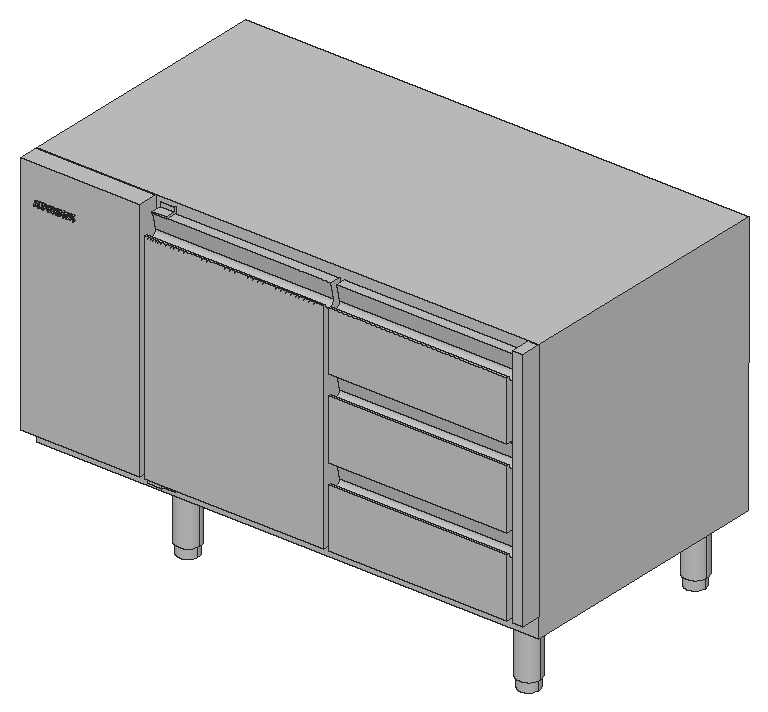
Revit family "QF_ALPENINOX_721106_AA2R7AC", category Attrezzature speciali, Revit 2018
Family settings
  Quota connettore circolare = Usa diametro
  Tipo di parte = Normale
  Basato su piano di lavoro = No
  Sempre verticale = Sì
  Taglio con vuoti quando caricato = No
  Condiviso = No
  Punto di calcolo locali = No
Parameters (values of type "Standard")
  Weight = 92.00 kg
  Watts = 220 W
  Volts = 220 V
  URL Manufacturer = "http://www.alpeninox.com"
  URL = "http://www.alpeninox.com"
  Steam Supply Size = 0 mm
  Steam Supply Minimum Pressure = 0.0 Pa
  Steam Supply Maximum Pressure = 0.0 Pa
  Steam Consumption per Hour = 0
  Refrigeration Suction Line Size = 0 mm
  Refrigeration Liquid Line Size = 0 mm
  Refrigerant Compressor Remote = yes
  Produttore = "Alpeninox"
  Phase = 1
  Modello = "AA2R7AC"
  Length Actual = 1241 mm  # constant formula
  Item Number = "721106"
  Hot Water Size = 0 mm
  Height Actual = 800 mm  # constant formula
  HP = "0.3 HP"
  Gas Size = 0 mm
  Gas KW = 0
  Gas Input Pressure = 0 W
  Direct Waste Size = 0 mm
  Descrizione = "1-DOOR AND 3X1/3-DRAWER REFRIGERATED COUNTER, -2+10°C, FULL AISI 304 (R290), WITHOUT WORK TOP"
  Depth Actual = 700 mm  # constant formula
  Cycle = 50 Hz
  Condensate Return Size = 0 mm
  Compressed Air Volume = 0.0 L/s
  Compressed Air Size = 0 mm
  Compressed Air Pressure = 0.0 Pa
  Cold Water Size = 0 mm
  Accessory = yes
Values of the unnamed type that differ from the named types
  Weight = 0.00 kg
  Watts = 0 W
  Volts = 0 V
  URL Manufacturer = ""
  Item Number = ""
  HP = ""
  Cycle = 0 Hz
Reference planes
  plane 1: z = 0
  plane 2 "Center (Left/Right)": x = -126.5
  plane 3 "Center (Front/Back)": y = 64.5
  plane 4 "FEET": z = 150
  plane 5 "TOP": z = 850
  plane 6 "PLAIN": z = 800
  plane 7 "EI_back": y = 103
  plane 8 "EI_left": x = -686
  plane 9 "BACK": y = 412
  plane 10 "FRONT": y = -283
  plane 11 "DOOR": y = -233
  plane 12 "LEFT": x = -747
  plane 13 "RIGHT": x = 494
  plane 14: x = -722
  plane 15: x = 469
Forms (mm)
  Extrusion 1, solid, material "QF_Finishes_Stainless Steel"
    sketch origin (-1022.223, -1524, 150) x (-1, 0, 0) y (0, -1, 0)
      loop
        circle (-336.223, -1627) r 5
    from 0 to -40
  Extrusion 2, solid, material "QF_Finishes_Stainless Steel"
    sketch origin (-1022.223, -1524, 150) x (-1, 0, 0) y (0, -1, 0)
      loop
        line (-1491.223, -1291) -> (-1491.223, -1241) -> (-1516.223, -1241) -> (-1516.223, -1291) -> (-1491.223, -1291)
    from 48 to 650
  Extrusion 3, solid, material "QF_Finishes_Stainless Steel"
    sketch origin (-1022.223, -1524, 150) x (-1, 0, 0) y (0, -1, 0)
      loop
        line (-275.223, -1936) -> (-275.223, -1291) -> (-1516.223, -1291) -> (-1516.223, -1936) -> (-275.223, -1936)
    from 0 to 650
Lines and regions (mm)
  symbolic lines, style "SpecialityEquipmentHiddenLines"
    curve 1: line (-747, 412, 150) -> (494, 412, 150)
    curve 2: line (-747, -283, 150) -> (-747, 412, 150)
    curve 3: line (494, -283, 150) -> (-747, -283, 150)
    curve 4: line (494, 412, 150) -> (494, -283, 150)
    curve 5: line (-747, -233, 150) -> (494, -233, 150)
    curve 6: line (469, -283, 150) -> (469, -233, 150)
Dimensions and locks
  plane 4 "FEET" to level = 150 mm
  plane 11 "DOOR" to plane 10 "FRONT" = 50 mm
  plane 6 "PLAIN" to plane 4 "FEET" = 650 mm
  plane 5 "TOP" to plane 6 "PLAIN" = 50 mm
  plane 12 "LEFT" to plane 14 = 25 mm
  plane 15 to plane 13 "RIGHT" = 25 mm
  plane 9 "BACK" to plane 7 "EI_back" = 309 mm
  plane 12 "LEFT" to plane 8 "EI_left" = 61 mm
  plane 12 "LEFT" to plane 13 "RIGHT" = 1241 mm
  equal spacing: plane 12 "LEFT", plane 2 "Center (Left/Right)", plane 13 "RIGHT"
  plane 9 "BACK" to plane 10 "FRONT" = 695 mm
  equal spacing: plane 9 "BACK", plane 3 "Center (Front/Back)", plane 10 "FRONT"
  aligned and locked: level to plane 1
Automatic sketch dimensions
  Extrusion 1 sketch curve to plane 7 "EI_back" = 0 mm
  Extrusion 1 sketch curve to plane 8 "EI_left" = 0 mm
  Extrusion 2 sketch curve to plane 11 "DOOR" = 0 mm
  Extrusion 2 sketch curve to plane 13 "RIGHT" = 0 mm
  Extrusion 2 sketch curve to plane 10 "FRONT" = 0 mm
  Extrusion 2 sketch curve to plane 15 = 0 mm
  Extrusion 3 sketch curve to plane 9 "BACK" = 0 mm
  Extrusion 3 sketch curve to plane 13 "RIGHT" = 0 mm
  Extrusion 3 sketch curve to plane 11 "DOOR" = 0 mm
  Extrusion 3 sketch curve to plane 12 "LEFT" = 0 mm
  curve 1 to plane 13 "RIGHT" = 0 mm
  curve 6 to plane 10 "FRONT" = 0 mm
  curve 6 to plane 15 = 0 mm
  curve 5 to plane 12 "LEFT" = 0 mm
  curve 6 to plane 11 "DOOR" = 0 mm
  curve 1 to plane 9 "BACK" = 0 mm
  radius of Extrusion 1 sketch curve = 5 mm
Nested families
  nested 1: "HP_Refrigerator" at (494, -283, 0), type "HP_Refrigerator"
  nested 2: "HP_FEET" at (-413, 331, 0), type "HP_FEET"
  nested 3: "HP_FEET" at (428, 331, 0), type "HP_FEET"
  nested 4: "HP_FEET" at (-413, -183, 0), type "HP_FEET"
  nested 5: "HP_FEET" at (428, -183, 0), type "HP_FEET"
  nested 6: "HP_APX_BI_TN_L" at (-540.08, -233, 548) x (1, 0, 0) z (0, -1, 0), type "HP_APX_BI_TN_L"
    with Show Logo yes
  nested 7: "HP_APX_SD_L" at (-219, -233, 458.88) x (1, 0, 0) z (0, -1, 0), type "HP_APX_SD_L"
    with Show Clearance yes
  nested 8: "HP_APX_THIRD" at (235, -233, 459.463) x (1, 0, 0) z (0, -1, 0), type "HP_APX_THIRD"
    with Show Clearance yes
Connectors
  electrical at (-686, 103, 110), driven by "Volts"
    settings: on Extrusion 1, index 1, voltage 220 V, apparent load 0 VA, apparent load phase1 0 VA, apparent load phase2 0 VA, apparent load phase3 0 VA, power factor 1, load classification "Other", number of poles 1, system type 31, power factor state 1, is connector primary yes, connector utility no, sub classification motor no, connector description "Electrical Connection"
Definition of nested family "HP_FEET"
  Parameters
    FEET = 150 mm
  Reference planes
    plane 1 "Center (Front/Back)": y = 0
    plane 2: z = 0
    plane 3 "Center (Left/Right)": x = 0
    plane 4: z = 150
  Forms (mm)
    Revolve 1, solid
      sketch origin (255.05, 0, 608.09) x (0, 0, 1) y (-1, 0, 0)
        loop
          line (-608.09, 255.05) -> (-608.09, 230.05) -> (-583.09, 230.05) -> (-583.09, 226.05) -> (-458.09, 226.05) -> (-458.09, 255.05) -> (-608.09, 255.05)
        axis (-608.09, 255.05) -> (-458.09, 255.05)
      angle from 0 to 360
  Dimensions and locks
    locked: Revolve 1 sketch curve to Revolve 1 sketch curve at 125
    "FEET": plane 4 to plane 2
    aligned and locked: level to plane 2
    aligned and locked: plane 4 to Revolve 1 sketch curve
    aligned and locked: Revolve 1 sketch curve to level
    aligned and locked: plane 3 "Center (Left/Right)" to Revolve 1 sketch curve
  Automatic sketch dimensions
    Revolve 1 sketch curve to plane 3 "Center (Left/Right)" = 0 mm
    Revolve 1 sketch curve to Revolve 1 sketch curve = 25 mm
    Revolve 1 sketch curve to Revolve 1 sketch curve = 29 mm
    plane 4 to Revolve 1 sketch curve = 50 mm
    Revolve 1 sketch curve to Revolve 1 sketch curve = 20 mm
Definition of nested family "HP_APX_BI_TN_L"
  Parameters
    Show Logo [instance] = yes
    Default Elevation = 1219.2 mm
  Reference planes
    plane 1 "Center (Front/Back)": y = -49
    plane 2: z = 0
    plane 3 "Center (Left/Right)": x = -59.92
    plane 4: x = -206.92
    plane 5: x = 87.08
    plane 6: y = 252
    plane 7: y = -350
  Forms (mm)
    Extrusion 1, solid
      sketch origin (0, 0, 0) x (1, 0, 0) y (0, 1, 0)
        loop
          line (-1219.2, 1219.2) -> (-1219.2, -1219.2) -> (1219.2, -1219.2) -> (1219.2, 1219.2) -> (-1219.2, 1219.2)
      from 0 to -304.8
    Extrusion 2, solid
      sketch origin (0, 0, 0) x (1, 0, 0) y (0, 1, 0)
        loop
          line (-206.92, 252) -> (-206.92, -350) -> (87.08, -350) -> (87.08, 252) -> (-206.92, 252)
      from 0 to 50
    Extrusion 3, solid
      sketch origin (0, 0, 0) x (1, 0, 0) y (0, 1, 0)
        loop
          line (-168.675, 170.349) -> (-172.411, 160.318)
          arc (-172.411, 160.318) -> (-171.624, 158.497) -> (-169.837, 159.36) r 1.374
          line (-169.837, 159.36) -> (-169.268, 161.111) -> (-164.1, 161.111) -> (-163.54, 159.379)
          arc (-163.54, 159.379) -> (-161.802, 158.542) -> (-161.049, 160.318) r 1.333
          line (-161.049, 160.318) -> (-164.694, 170.349)
          arc (-164.694, 170.349) -> (-166.685, 171.876) -> (-168.675, 170.349) r 2.06
        loop
          line (-166.681, 169.055) -> (-168.469, 163.655) -> (-164.935, 163.655) -> (-166.681, 169.055)
        loop
          arc (-159.705, 160.042) -> (-159.262, 158.973) -> (-158.194, 158.531) r 1.512
          line (-158.194, 158.531) -> (-153.608, 158.531)
          arc (-153.608, 158.531) -> (-152.337, 159.802) -> (-153.608, 161.074) r 1.272
          line (-153.608, 161.074) -> (-156.917, 161.074) -> (-156.917, 170.328)
          arc (-156.917, 170.328) -> (-158.311, 171.722) -> (-159.705, 170.328) r 1.394
          line (-159.705, 170.328) -> (-159.705, 160.042)
        loop
          line (-151.076, 170.218) -> (-151.076, 159.859)
          arc (-151.076, 159.859) -> (-149.683, 158.466) -> (-148.29, 159.859) r 1.393
          line (-148.29, 159.859) -> (-148.29, 162.882) -> (-146.225, 162.882)
          arc (-146.225, 162.882) -> (-142.999, 163.859) -> (-141.608, 166.928) r 4.082
          arc (-141.608, 166.928) -> (-142.993, 170.272) -> (-146.336, 171.657) r 4.728
          line (-146.336, 171.657) -> (-149.638, 171.657)
          arc (-149.638, 171.657) -> (-150.655, 171.235) -> (-151.076, 170.218) r 1.439
        loop
          line (-148.29, 165.313) -> (-146.388, 165.313)
          arc (-146.388, 165.313) -> (-144.433, 167.268) -> (-146.388, 169.222) r 1.955
          line (-146.388, 169.222) -> (-148.29, 169.222) -> (-148.29, 165.313)
        loop
          arc (-131.184, 166.332) -> (-132.004, 168.2) -> (-133.767, 169.228) r 3.3
          arc (-133.767, 169.228) -> (-136.353, 168.661) -> (-137.611, 166.332) r 3.176
          line (-137.611, 166.332) -> (-131.184, 166.332)
        loop
          line (-137.538, 163.743) -> (-130.544, 163.743)
          arc (-130.544, 163.743) -> (-129.292, 163.916) -> (-128.301, 164.701) r 2.4
          arc (-128.301, 164.701) -> (-128.155, 165.545) -> (-128.212, 166.399) r 3.635
          arc (-128.212, 166.399) -> (-130.364, 170.162) -> (-134.39, 171.769) r 6.579
          arc (-134.39, 171.769) -> (-138.918, 169.706) -> (-140.661, 165.044) r 6.501
          arc (-140.661, 165.044) -> (-139.276, 160.789) -> (-135.401, 158.549) r 6.252
          arc (-135.401, 158.549) -> (-132.922, 158.526) -> (-130.544, 159.232) r 8.361
          arc (-130.544, 159.232) -> (-129.466, 159.781) -> (-128.641, 160.666) r 3.486
          arc (-128.641, 160.666) -> (-128.419, 161.592) -> (-128.828, 162.451) r 1.425
          arc (-128.828, 162.451) -> (-129.368, 162.762) -> (-129.99, 162.762) r 1.203
          arc (-129.99, 162.762) -> (-130.406, 162.59) -> (-130.764, 162.316) r 1.724
          arc (-130.764, 162.316) -> (-131.666, 161.705) -> (-132.646, 161.229) r 7.6
          arc (-132.646, 161.229) -> (-135.676, 161.35) -> (-137.538, 163.743) r 3.6
        loop
          line (-126.669, 170.328) -> (-126.669, 159.859)
          arc (-126.669, 159.859) -> (-125.273, 158.463) -> (-123.878, 159.859) r 1.396
          line (-123.878, 159.859) -> (-123.878, 166.785) -> (-117.946, 159.029)
          arc (-117.946, 159.029) -> (-116.361, 158.51) -> (-115.379, 159.859) r 1.417
          line (-115.379, 159.859) -> (-115.379, 170.328)
          arc (-115.379, 170.328) -> (-116.774, 171.723) -> (-118.169, 170.328) r 1.395
          line (-118.169, 170.328) -> (-118.169, 163.311) -> (-124.101, 171.157)
          arc (-124.101, 171.157) -> (-125.687, 171.678) -> (-126.669, 170.328) r 1.418
        loop
          arc (-113.636, 159.859) -> (-112.241, 158.464) -> (-110.847, 159.859) r 1.394
          line (-110.847, 159.859) -> (-110.847, 170.328)
          arc (-110.847, 170.328) -> (-112.241, 171.723) -> (-113.636, 170.328) r 1.394
          line (-113.636, 170.328) -> (-113.636, 159.859)
        loop
          line (-109.102, 170.328) -> (-109.102, 159.859)
          arc (-109.102, 159.859) -> (-107.706, 158.463) -> (-106.31, 159.859) r 1.396
          line (-106.31, 159.859) -> (-106.31, 166.785) -> (-100.378, 159.029)
          arc (-100.378, 159.029) -> (-98.793, 158.51) -> (-97.812, 159.859) r 1.417
          line (-97.812, 159.859) -> (-97.812, 170.328)
          arc (-97.812, 170.328) -> (-99.207, 171.723) -> (-100.602, 170.328) r 1.395
          line (-100.602, 170.328) -> (-100.602, 163.311) -> (-106.533, 171.157)
          arc (-106.533, 171.157) -> (-108.119, 171.678) -> (-109.102, 170.328) r 1.418
        loop
          arc (-96.345, 165.093) -> (-95.619, 161.877) -> (-93.467, 159.379) r 6.806
          arc (-93.467, 159.379) -> (-91.792, 158.566) -> (-89.948, 158.31) r 5.956
          arc (-89.948, 158.31) -> (-88.104, 158.566) -> (-86.43, 159.379) r 5.956
          arc (-86.43, 159.379) -> (-84.277, 161.877) -> (-83.551, 165.093) r 6.806
          arc (-83.551, 165.093) -> (-84.277, 168.31) -> (-86.43, 170.808) r 6.806
          arc (-86.43, 170.808) -> (-88.104, 171.621) -> (-89.948, 171.877) r 5.956
          arc (-89.948, 171.877) -> (-91.792, 171.621) -> (-93.467, 170.808) r 5.956
          arc (-93.467, 170.808) -> (-95.619, 168.31) -> (-96.345, 165.093) r 6.806
        loop
          arc (-93.425, 165.093) -> (-93.138, 163.212) -> (-92.081, 161.629) r 4.387
          arc (-92.081, 161.629) -> (-91.087, 161.049) -> (-89.948, 160.881) r 3.035
          arc (-89.948, 160.881) -> (-88.809, 161.049) -> (-87.815, 161.629) r 3.035
          arc (-87.815, 161.629) -> (-86.759, 163.212) -> (-86.472, 165.093) r 4.387
          arc (-86.472, 165.093) -> (-86.759, 166.975) -> (-87.815, 168.558) r 4.387
          arc (-87.815, 168.558) -> (-88.809, 169.138) -> (-89.948, 169.306) r 3.035
          arc (-89.948, 169.306) -> (-91.087, 169.138) -> (-92.081, 168.558) r 3.035
          arc (-92.081, 168.558) -> (-93.138, 166.975) -> (-93.425, 165.093) r 4.387
        loop
          line (-83.139, 169.609) -> (-80.126, 165.552) -> (-83.81, 160.652)
          arc (-83.81, 160.652) -> (-83.512, 158.692) -> (-81.559, 159.029) r 1.388
          line (-81.559, 159.029) -> (-78.51, 163.232) -> (-75.461, 159.029)
          arc (-75.461, 159.029) -> (-73.507, 158.692) -> (-73.21, 160.652) r 1.388
          line (-73.21, 160.652) -> (-76.894, 165.552) -> (-73.881, 169.609)
          arc (-73.881, 169.609) -> (-74.249, 171.597) -> (-76.205, 171.084) r 1.38
          line (-76.205, 171.084) -> (-78.51, 167.841) -> (-80.815, 171.084)
          arc (-80.815, 171.084) -> (-82.771, 171.597) -> (-83.139, 169.609) r 1.38
      from 50 to 51.6
    Extrusion 4, solid, not visible
      sketch origin (0, 0, 0) x (1, 0, 0) y (0, 1, 0)
        loop
          line (-206.92, 252) -> (-206.92, -400) -> (87.08, -400) -> (87.08, 252) -> (-206.92, 252)
      from 0 to 50
  Lines and regions (mm)
    Split face 1
      outline origin (0, 0, 50) x (1, 0, 0) y (0, 1, 0)
        loop
          line (87.08, 183) -> (-172.92, 183)
          arc (-172.92, 183) -> (-190.42, 165.5) -> (-172.92, 148) r 17.5
          line (-172.92, 148) -> (87.08, 148)
    Split face 2
      outline origin (-38, 0, 50) x (1, 0, 0) y (0, 1, 0)
        loop
          line (-5.42, 177) -> (-5.42, 154) -> (64.58, 154) -> (64.58, 177) -> (-5.42, 177)
    Split face 3
      outline origin (-38, 0, 50) x (1, 0, 0) y (0, 1, 0)
        loop
          line (44.58, 174) -> (44.58, 157) -> (61.58, 157) -> (61.58, 174) -> (44.58, 174)
    Split face 4
      outline origin (0, 0, 50) x (1, 0, 0) y (0, 1, 0)
        loop
          line (-206.92, 188) -> (87.08, 188)
    Split face 5
      outline origin (0, 0, 50) x (1, 0, 0) y (0, 1, 0)
        loop
          arc (-163.464, 131.824) -> (-167.464, 127.824) -> (-163.464, 123.824) r 4
          line (-163.464, 123.824) -> (-121.464, 123.824)
          arc (-121.464, 123.824) -> (-117.464, 127.824) -> (-121.464, 131.824) r 4
          line (-121.464, 131.824) -> (-163.464, 131.824)
    Split face 6
      outline origin (330, 0, 50) x (1, 0, 0) y (0, 1, 0)
        loop
          arc (-328.464, 131.824) -> (-332.464, 127.824) -> (-328.464, 123.824) r 4
          line (-328.464, 123.824) -> (-286.464, 123.824)
          arc (-286.464, 123.824) -> (-282.464, 127.824) -> (-286.464, 131.824) r 4
          line (-286.464, 131.824) -> (-328.464, 131.824)
    Split face 7
      outline origin (110, 0, 50) x (1, 0, 0) y (0, 1, 0)
        loop
          arc (-218.464, 131.824) -> (-222.464, 127.824) -> (-218.464, 123.824) r 4
          line (-218.464, 123.824) -> (-176.464, 123.824)
          arc (-176.464, 123.824) -> (-172.464, 127.824) -> (-176.464, 131.824) r 4
          line (-176.464, 131.824) -> (-218.464, 131.824)
    Split face 8
      outline origin (220, 0, 50) x (1, 0, 0) y (0, 1, 0)
        loop
          arc (-273.464, 131.824) -> (-277.464, 127.824) -> (-273.464, 123.824) r 4
          line (-273.464, 123.824) -> (-231.464, 123.824)
          arc (-231.464, 123.824) -> (-227.464, 127.824) -> (-231.464, 131.824) r 4
          line (-231.464, 131.824) -> (-273.464, 131.824)
    Split face 9, not visible
      outline origin (0, 0, 50) x (1, 0, 0) y (0, 1, 0)
        loop
          arc (-163.464, 131.824) -> (-167.464, 127.824) -> (-163.464, 123.824) r 4
          line (-163.464, 123.824) -> (-121.464, 123.824)
          arc (-121.464, 123.824) -> (-117.464, 127.824) -> (-121.464, 131.824) r 4
          line (-121.464, 131.824) -> (-163.464, 131.824)
    Split face 10
      outline origin (0, -24, 50) x (1, 0, 0) y (0, 1, 0)
        loop
          arc (-163.464, 143.824) -> (-167.464, 139.824) -> (-163.464, 135.824) r 4
          line (-163.464, 135.824) -> (-121.464, 135.824)
          arc (-121.464, 135.824) -> (-117.464, 139.824) -> (-121.464, 143.824) r 4
          line (-121.464, 143.824) -> (-163.464, 143.824)
    Split face 11
      outline origin (330, -24, 50) x (1, 0, 0) y (0, 1, 0)
        loop
          arc (-328.464, 143.824) -> (-332.464, 139.824) -> (-328.464, 135.824) r 4
          line (-328.464, 135.824) -> (-286.464, 135.824)
          arc (-286.464, 135.824) -> (-282.464, 139.824) -> (-286.464, 143.824) r 4
          line (-286.464, 143.824) -> (-328.464, 143.824)
    Split face 12
      outline origin (110, -24, 50) x (1, 0, 0) y (0, 1, 0)
        loop
          arc (-218.464, 143.824) -> (-222.464, 139.824) -> (-218.464, 135.824) r 4
          line (-218.464, 135.824) -> (-176.464, 135.824)
          arc (-176.464, 135.824) -> (-172.464, 139.824) -> (-176.464, 143.824) r 4
          line (-176.464, 143.824) -> (-218.464, 143.824)
    Split face 13
      outline origin (220, -24, 50) x (1, 0, 0) y (0, 1, 0)
        loop
          arc (-273.464, 143.824) -> (-277.464, 139.824) -> (-273.464, 135.824) r 4
          line (-273.464, 135.824) -> (-231.464, 135.824)
          arc (-231.464, 135.824) -> (-227.464, 139.824) -> (-231.464, 143.824) r 4
          line (-231.464, 143.824) -> (-273.464, 143.824)
    Split face 14
      outline origin (0, -48, 50) x (1, 0, 0) y (0, 1, 0)
        loop
          arc (-163.464, 155.824) -> (-167.464, 151.824) -> (-163.464, 147.824) r 4
          line (-163.464, 147.824) -> (-121.464, 147.824)
          arc (-121.464, 147.824) -> (-117.464, 151.824) -> (-121.464, 155.824) r 4
          line (-121.464, 155.824) -> (-163.464, 155.824)
    Split face 15
      outline origin (330, -48, 50) x (1, 0, 0) y (0, 1, 0)
        loop
          arc (-328.464, 155.824) -> (-332.464, 151.824) -> (-328.464, 147.824) r 4
          line (-328.464, 147.824) -> (-286.464, 147.824)
          arc (-286.464, 147.824) -> (-282.464, 151.824) -> (-286.464, 155.824) r 4
          line (-286.464, 155.824) -> (-328.464, 155.824)
    Split face 16
      outline origin (110, -48, 50) x (1, 0, 0) y (0, 1, 0)
        loop
          arc (-218.464, 155.824) -> (-222.464, 151.824) -> (-218.464, 147.824) r 4
          line (-218.464, 147.824) -> (-176.464, 147.824)
          arc (-176.464, 147.824) -> (-172.464, 151.824) -> (-176.464, 155.824) r 4
          line (-176.464, 155.824) -> (-218.464, 155.824)
    Split face 17
      outline origin (220, -48, 50) x (1, 0, 0) y (0, 1, 0)
        loop
          arc (-273.464, 155.824) -> (-277.464, 151.824) -> (-273.464, 147.824) r 4
          line (-273.464, 147.824) -> (-231.464, 147.824)
          arc (-231.464, 147.824) -> (-227.464, 151.824) -> (-231.464, 155.824) r 4
          line (-231.464, 155.824) -> (-273.464, 155.824)
    Split face 18
      outline origin (0, -72, 50) x (1, 0, 0) y (0, 1, 0)
        loop
          arc (-163.464, 167.824) -> (-167.464, 163.824) -> (-163.464, 159.824) r 4
          line (-163.464, 159.824) -> (-121.464, 159.824)
          arc (-121.464, 159.824) -> (-117.464, 163.824) -> (-121.464, 167.824) r 4
          line (-121.464, 167.824) -> (-163.464, 167.824)
    Split face 19
      outline origin (330, -72, 50) x (1, 0, 0) y (0, 1, 0)
        loop
          arc (-328.464, 167.824) -> (-332.464, 163.824) -> (-328.464, 159.824) r 4
          line (-328.464, 159.824) -> (-286.464, 159.824)
          arc (-286.464, 159.824) -> (-282.464, 163.824) -> (-286.464, 167.824) r 4
          line (-286.464, 167.824) -> (-328.464, 167.824)
    Split face 20
      outline origin (110, -72, 50) x (1, 0, 0) y (0, 1, 0)
        loop
          arc (-218.464, 167.824) -> (-222.464, 163.824) -> (-218.464, 159.824) r 4
          line (-218.464, 159.824) -> (-176.464, 159.824)
          arc (-176.464, 159.824) -> (-172.464, 163.824) -> (-176.464, 167.824) r 4
          line (-176.464, 167.824) -> (-218.464, 167.824)
    Split face 21
      outline origin (220, -72, 50) x (1, 0, 0) y (0, 1, 0)
        loop
          arc (-273.464, 167.824) -> (-277.464, 163.824) -> (-273.464, 159.824) r 4
          line (-273.464, 159.824) -> (-231.464, 159.824)
          arc (-231.464, 159.824) -> (-227.464, 163.824) -> (-231.464, 167.824) r 4
          line (-231.464, 167.824) -> (-273.464, 167.824)
    Split face 22
      outline origin (0, -96, 50) x (1, 0, 0) y (0, 1, 0)
        loop
          arc (-163.464, 179.824) -> (-167.464, 175.824) -> (-163.464, 171.824) r 4
          line (-163.464, 171.824) -> (-121.464, 171.824)
          arc (-121.464, 171.824) -> (-117.464, 175.824) -> (-121.464, 179.824) r 4
          line (-121.464, 179.824) -> (-163.464, 179.824)
    Split face 23
      outline origin (330, -96, 50) x (1, 0, 0) y (0, 1, 0)
        loop
          arc (-328.464, 179.824) -> (-332.464, 175.824) -> (-328.464, 171.824) r 4
          line (-328.464, 171.824) -> (-286.464, 171.824)
          arc (-286.464, 171.824) -> (-282.464, 175.824) -> (-286.464, 179.824) r 4
          line (-286.464, 179.824) -> (-328.464, 179.824)
    Split face 24
      outline origin (110, -96, 50) x (1, 0, 0) y (0, 1, 0)
        loop
          arc (-218.464, 179.824) -> (-222.464, 175.824) -> (-218.464, 171.824) r 4
          line (-218.464, 171.824) -> (-176.464, 171.824)
          arc (-176.464, 171.824) -> (-172.464, 175.824) -> (-176.464, 179.824) r 4
          line (-176.464, 179.824) -> (-218.464, 179.824)
    Split face 25
      outline origin (220, -96, 50) x (1, 0, 0) y (0, 1, 0)
        loop
          arc (-273.464, 179.824) -> (-277.464, 175.824) -> (-273.464, 171.824) r 4
          line (-273.464, 171.824) -> (-231.464, 171.824)
          arc (-231.464, 171.824) -> (-227.464, 175.824) -> (-231.464, 179.824) r 4
          line (-231.464, 179.824) -> (-273.464, 179.824)
    Split face 26
      outline origin (0, -120, 50) x (1, 0, 0) y (0, 1, 0)
        loop
          arc (-163.464, 191.824) -> (-167.464, 187.824) -> (-163.464, 183.824) r 4
          line (-163.464, 183.824) -> (-121.464, 183.824)
          arc (-121.464, 183.824) -> (-117.464, 187.824) -> (-121.464, 191.824) r 4
          line (-121.464, 191.824) -> (-163.464, 191.824)
    Split face 27
      outline origin (330, -120, 50) x (1, 0, 0) y (0, 1, 0)
        loop
          arc (-328.464, 191.824) -> (-332.464, 187.824) -> (-328.464, 183.824) r 4
          line (-328.464, 183.824) -> (-286.464, 183.824)
          arc (-286.464, 183.824) -> (-282.464, 187.824) -> (-286.464, 191.824) r 4
          line (-286.464, 191.824) -> (-328.464, 191.824)
    Split face 28
      outline origin (110, -120, 50) x (1, 0, 0) y (0, 1, 0)
        loop
          arc (-218.464, 191.824) -> (-222.464, 187.824) -> (-218.464, 183.824) r 4
          line (-218.464, 183.824) -> (-176.464, 183.824)
          arc (-176.464, 183.824) -> (-172.464, 187.824) -> (-176.464, 191.824) r 4
          line (-176.464, 191.824) -> (-218.464, 191.824)
    Split face 29
      outline origin (220, -120, 50) x (1, 0, 0) y (0, 1, 0)
        loop
          arc (-273.464, 191.824) -> (-277.464, 187.824) -> (-273.464, 183.824) r 4
          line (-273.464, 183.824) -> (-231.464, 183.824)
          arc (-231.464, 183.824) -> (-227.464, 187.824) -> (-231.464, 191.824) r 4
          line (-231.464, 191.824) -> (-273.464, 191.824)
    Split face 30
      outline origin (0, -144, 50) x (1, 0, 0) y (0, 1, 0)
        loop
          arc (-163.464, 203.824) -> (-167.464, 199.824) -> (-163.464, 195.824) r 4
          line (-163.464, 195.824) -> (-121.464, 195.824)
          arc (-121.464, 195.824) -> (-117.464, 199.824) -> (-121.464, 203.824) r 4
          line (-121.464, 203.824) -> (-163.464, 203.824)
    Split face 31
      outline origin (330, -144, 50) x (1, 0, 0) y (0, 1, 0)
        loop
          arc (-328.464, 203.824) -> (-332.464, 199.824) -> (-328.464, 195.824) r 4
          line (-328.464, 195.824) -> (-286.464, 195.824)
          arc (-286.464, 195.824) -> (-282.464, 199.824) -> (-286.464, 203.824) r 4
          line (-286.464, 203.824) -> (-328.464, 203.824)
    Split face 32
      outline origin (110, -144, 50) x (1, 0, 0) y (0, 1, 0)
        loop
          arc (-218.464, 203.824) -> (-222.464, 199.824) -> (-218.464, 195.824) r 4
          line (-218.464, 195.824) -> (-176.464, 195.824)
          arc (-176.464, 195.824) -> (-172.464, 199.824) -> (-176.464, 203.824) r 4
          line (-176.464, 203.824) -> (-218.464, 203.824)
    Split face 33
      outline origin (220, -144, 50) x (1, 0, 0) y (0, 1, 0)
        loop
          arc (-273.464, 203.824) -> (-277.464, 199.824) -> (-273.464, 195.824) r 4
          line (-273.464, 195.824) -> (-231.464, 195.824)
          arc (-231.464, 195.824) -> (-227.464, 199.824) -> (-231.464, 203.824) r 4
          line (-231.464, 203.824) -> (-273.464, 203.824)
    Split face 34
      outline origin (0, -168, 50) x (1, 0, 0) y (0, 1, 0)
        loop
          arc (-163.464, 215.824) -> (-167.464, 211.824) -> (-163.464, 207.824) r 4
          line (-163.464, 207.824) -> (-121.464, 207.824)
          arc (-121.464, 207.824) -> (-117.464, 211.824) -> (-121.464, 215.824) r 4
          line (-121.464, 215.824) -> (-163.464, 215.824)
    Split face 35
      outline origin (330, -168, 50) x (1, 0, 0) y (0, 1, 0)
        loop
          arc (-328.464, 215.824) -> (-332.464, 211.824) -> (-328.464, 207.824) r 4
          line (-328.464, 207.824) -> (-286.464, 207.824)
          arc (-286.464, 207.824) -> (-282.464, 211.824) -> (-286.464, 215.824) r 4
          line (-286.464, 215.824) -> (-328.464, 215.824)
    Split face 36
      outline origin (110, -168, 50) x (1, 0, 0) y (0, 1, 0)
        loop
          arc (-218.464, 215.824) -> (-222.464, 211.824) -> (-218.464, 207.824) r 4
          line (-218.464, 207.824) -> (-176.464, 207.824)
          arc (-176.464, 207.824) -> (-172.464, 211.824) -> (-176.464, 215.824) r 4
          line (-176.464, 215.824) -> (-218.464, 215.824)
    Split face 37
      outline origin (220, -168, 50) x (1, 0, 0) y (0, 1, 0)
        loop
          arc (-273.464, 215.824) -> (-277.464, 211.824) -> (-273.464, 207.824) r 4
          line (-273.464, 207.824) -> (-231.464, 207.824)
          arc (-231.464, 207.824) -> (-227.464, 211.824) -> (-231.464, 215.824) r 4
          line (-231.464, 215.824) -> (-273.464, 215.824)
    Split face 38
      outline origin (0, -192, 50) x (1, 0, 0) y (0, 1, 0)
        loop
          arc (-163.464, 227.824) -> (-167.464, 223.824) -> (-163.464, 219.824) r 4
          line (-163.464, 219.824) -> (-121.464, 219.824)
          arc (-121.464, 219.824) -> (-117.464, 223.824) -> (-121.464, 227.824) r 4
          line (-121.464, 227.824) -> (-163.464, 227.824)
    Split face 39
      outline origin (330, -192, 50) x (1, 0, 0) y (0, 1, 0)
        loop
          arc (-328.464, 227.824) -> (-332.464, 223.824) -> (-328.464, 219.824) r 4
          line (-328.464, 219.824) -> (-286.464, 219.824)
          arc (-286.464, 219.824) -> (-282.464, 223.824) -> (-286.464, 227.824) r 4
          line (-286.464, 227.824) -> (-328.464, 227.824)
    Split face 40
      outline origin (110, -192, 50) x (1, 0, 0) y (0, 1, 0)
        loop
          arc (-218.464, 227.824) -> (-222.464, 223.824) -> (-218.464, 219.824) r 4
          line (-218.464, 219.824) -> (-176.464, 219.824)
          arc (-176.464, 219.824) -> (-172.464, 223.824) -> (-176.464, 227.824) r 4
          line (-176.464, 227.824) -> (-218.464, 227.824)
    Split face 41
      outline origin (220, -192, 50) x (1, 0, 0) y (0, 1, 0)
        loop
          arc (-273.464, 227.824) -> (-277.464, 223.824) -> (-273.464, 219.824) r 4
          line (-273.464, 219.824) -> (-231.464, 219.824)
          arc (-231.464, 219.824) -> (-227.464, 223.824) -> (-231.464, 227.824) r 4
          line (-231.464, 227.824) -> (-273.464, 227.824)
    Split face 42
      outline origin (0, -216, 50) x (1, 0, 0) y (0, 1, 0)
        loop
          arc (-163.464, 239.824) -> (-167.464, 235.824) -> (-163.464, 231.824) r 4
          line (-163.464, 231.824) -> (-121.464, 231.824)
          arc (-121.464, 231.824) -> (-117.464, 235.824) -> (-121.464, 239.824) r 4
          line (-121.464, 239.824) -> (-163.464, 239.824)
    Split face 43
      outline origin (330, -216, 50) x (1, 0, 0) y (0, 1, 0)
        loop
          arc (-328.464, 239.824) -> (-332.464, 235.824) -> (-328.464, 231.824) r 4
          line (-328.464, 231.824) -> (-286.464, 231.824)
          arc (-286.464, 231.824) -> (-282.464, 235.824) -> (-286.464, 239.824) r 4
          line (-286.464, 239.824) -> (-328.464, 239.824)
    Split face 44
      outline origin (110, -216, 50) x (1, 0, 0) y (0, 1, 0)
        loop
          arc (-218.464, 239.824) -> (-222.464, 235.824) -> (-218.464, 231.824) r 4
          line (-218.464, 231.824) -> (-176.464, 231.824)
          arc (-176.464, 231.824) -> (-172.464, 235.824) -> (-176.464, 239.824) r 4
          line (-176.464, 239.824) -> (-218.464, 239.824)
    Split face 45
      outline origin (220, -216, 50) x (1, 0, 0) y (0, 1, 0)
        loop
          arc (-273.464, 239.824) -> (-277.464, 235.824) -> (-273.464, 231.824) r 4
          line (-273.464, 231.824) -> (-231.464, 231.824)
          arc (-231.464, 231.824) -> (-227.464, 235.824) -> (-231.464, 239.824) r 4
          line (-231.464, 239.824) -> (-273.464, 239.824)
    Split face 46
      outline origin (0, -240, 50) x (1, 0, 0) y (0, 1, 0)
        loop
          arc (-163.464, 251.824) -> (-167.464, 247.824) -> (-163.464, 243.824) r 4
          line (-163.464, 243.824) -> (-121.464, 243.824)
          arc (-121.464, 243.824) -> (-117.464, 247.824) -> (-121.464, 251.824) r 4
          line (-121.464, 251.824) -> (-163.464, 251.824)
    Split face 47
      outline origin (330, -240, 50) x (1, 0, 0) y (0, 1, 0)
        loop
          arc (-328.464, 251.824) -> (-332.464, 247.824) -> (-328.464, 243.824) r 4
          line (-328.464, 243.824) -> (-286.464, 243.824)
          arc (-286.464, 243.824) -> (-282.464, 247.824) -> (-286.464, 251.824) r 4
          line (-286.464, 251.824) -> (-328.464, 251.824)
    Split face 48
      outline origin (110, -240, 50) x (1, 0, 0) y (0, 1, 0)
        loop
          arc (-218.464, 251.824) -> (-222.464, 247.824) -> (-218.464, 243.824) r 4
          line (-218.464, 243.824) -> (-176.464, 243.824)
          arc (-176.464, 243.824) -> (-172.464, 247.824) -> (-176.464, 251.824) r 4
          line (-176.464, 251.824) -> (-218.464, 251.824)
    Split face 49
      outline origin (220, -240, 50) x (1, 0, 0) y (0, 1, 0)
        loop
          arc (-273.464, 251.824) -> (-277.464, 247.824) -> (-273.464, 243.824) r 4
          line (-273.464, 243.824) -> (-231.464, 243.824)
          arc (-231.464, 243.824) -> (-227.464, 247.824) -> (-231.464, 251.824) r 4
          line (-231.464, 251.824) -> (-273.464, 251.824)
    Split face 50
      outline origin (0, -264, 50) x (1, 0, 0) y (0, 1, 0)
        loop
          arc (-163.464, 263.824) -> (-167.464, 259.824) -> (-163.464, 255.824) r 4
          line (-163.464, 255.824) -> (-121.464, 255.824)
          arc (-121.464, 255.824) -> (-117.464, 259.824) -> (-121.464, 263.824) r 4
          line (-121.464, 263.824) -> (-163.464, 263.824)
    Split face 51
      outline origin (330, -264, 50) x (1, 0, 0) y (0, 1, 0)
        loop
          arc (-328.464, 263.824) -> (-332.464, 259.824) -> (-328.464, 255.824) r 4
          line (-328.464, 255.824) -> (-286.464, 255.824)
          arc (-286.464, 255.824) -> (-282.464, 259.824) -> (-286.464, 263.824) r 4
          line (-286.464, 263.824) -> (-328.464, 263.824)
    Split face 52
      outline origin (110, -264, 50) x (1, 0, 0) y (0, 1, 0)
        loop
          arc (-218.464, 263.824) -> (-222.464, 259.824) -> (-218.464, 255.824) r 4
          line (-218.464, 255.824) -> (-176.464, 255.824)
          arc (-176.464, 255.824) -> (-172.464, 259.824) -> (-176.464, 263.824) r 4
          line (-176.464, 263.824) -> (-218.464, 263.824)
    Split face 53
      outline origin (220, -264, 50) x (1, 0, 0) y (0, 1, 0)
        loop
          arc (-273.464, 263.824) -> (-277.464, 259.824) -> (-273.464, 255.824) r 4
          line (-273.464, 255.824) -> (-231.464, 255.824)
          arc (-231.464, 255.824) -> (-227.464, 259.824) -> (-231.464, 263.824) r 4
          line (-231.464, 263.824) -> (-273.464, 263.824)
    Split face 54
      outline origin (0, -288, 50) x (1, 0, 0) y (0, 1, 0)
        loop
          arc (-163.464, 275.824) -> (-167.464, 271.824) -> (-163.464, 267.824) r 4
          line (-163.464, 267.824) -> (-121.464, 267.824)
          arc (-121.464, 267.824) -> (-117.464, 271.824) -> (-121.464, 275.824) r 4
          line (-121.464, 275.824) -> (-163.464, 275.824)
    Split face 55
      outline origin (330, -288, 50) x (1, 0, 0) y (0, 1, 0)
        loop
          arc (-328.464, 275.824) -> (-332.464, 271.824) -> (-328.464, 267.824) r 4
          line (-328.464, 267.824) -> (-286.464, 267.824)
          arc (-286.464, 267.824) -> (-282.464, 271.824) -> (-286.464, 275.824) r 4
          line (-286.464, 275.824) -> (-328.464, 275.824)
    Split face 56
      outline origin (110, -288, 50) x (1, 0, 0) y (0, 1, 0)
        loop
          arc (-218.464, 275.824) -> (-222.464, 271.824) -> (-218.464, 267.824) r 4
          line (-218.464, 267.824) -> (-176.464, 267.824)
          arc (-176.464, 267.824) -> (-172.464, 271.824) -> (-176.464, 275.824) r 4
          line (-176.464, 275.824) -> (-218.464, 275.824)
    Split face 57
      outline origin (220, -288, 50) x (1, 0, 0) y (0, 1, 0)
        loop
          arc (-273.464, 275.824) -> (-277.464, 271.824) -> (-273.464, 267.824) r 4
          line (-273.464, 267.824) -> (-231.464, 267.824)
          arc (-231.464, 267.824) -> (-227.464, 271.824) -> (-231.464, 275.824) r 4
          line (-231.464, 275.824) -> (-273.464, 275.824)
    Split face 58
      outline origin (0, -312, 50) x (1, 0, 0) y (0, 1, 0)
        loop
          arc (-163.464, 287.824) -> (-167.464, 283.824) -> (-163.464, 279.824) r 4
          line (-163.464, 279.824) -> (-121.464, 279.824)
          arc (-121.464, 279.824) -> (-117.464, 283.824) -> (-121.464, 287.824) r 4
          line (-121.464, 287.824) -> (-163.464, 287.824)
    Split face 59
      outline origin (330, -312, 50) x (1, 0, 0) y (0, 1, 0)
        loop
          arc (-328.464, 287.824) -> (-332.464, 283.824) -> (-328.464, 279.824) r 4
          line (-328.464, 279.824) -> (-286.464, 279.824)
          arc (-286.464, 279.824) -> (-282.464, 283.824) -> (-286.464, 287.824) r 4
          line (-286.464, 287.824) -> (-328.464, 287.824)
    Split face 60
      outline origin (110, -312, 50) x (1, 0, 0) y (0, 1, 0)
        loop
          arc (-218.464, 287.824) -> (-222.464, 283.824) -> (-218.464, 279.824) r 4
          line (-218.464, 279.824) -> (-176.464, 279.824)
          arc (-176.464, 279.824) -> (-172.464, 283.824) -> (-176.464, 287.824) r 4
          line (-176.464, 287.824) -> (-218.464, 287.824)
    Split face 61
      outline origin (220, -312, 50) x (1, 0, 0) y (0, 1, 0)
        loop
          arc (-273.464, 287.824) -> (-277.464, 283.824) -> (-273.464, 279.824) r 4
          line (-273.464, 279.824) -> (-231.464, 279.824)
          arc (-231.464, 279.824) -> (-227.464, 283.824) -> (-231.464, 287.824) r 4
          line (-231.464, 287.824) -> (-273.464, 287.824)
    Split face 62
      outline origin (0, -336, 50) x (1, 0, 0) y (0, 1, 0)
        loop
          arc (-163.464, 299.824) -> (-167.464, 295.824) -> (-163.464, 291.824) r 4
          line (-163.464, 291.824) -> (-121.464, 291.824)
          arc (-121.464, 291.824) -> (-117.464, 295.824) -> (-121.464, 299.824) r 4
          line (-121.464, 299.824) -> (-163.464, 299.824)
    Split face 63
      outline origin (330, -336, 50) x (1, 0, 0) y (0, 1, 0)
        loop
          arc (-328.464, 299.824) -> (-332.464, 295.824) -> (-328.464, 291.824) r 4
          line (-328.464, 291.824) -> (-286.464, 291.824)
          arc (-286.464, 291.824) -> (-282.464, 295.824) -> (-286.464, 299.824) r 4
          line (-286.464, 299.824) -> (-328.464, 299.824)
    Split face 64
      outline origin (110, -336, 50) x (1, 0, 0) y (0, 1, 0)
        loop
          arc (-218.464, 299.824) -> (-222.464, 295.824) -> (-218.464, 291.824) r 4
          line (-218.464, 291.824) -> (-176.464, 291.824)
          arc (-176.464, 291.824) -> (-172.464, 295.824) -> (-176.464, 299.824) r 4
          line (-176.464, 299.824) -> (-218.464, 299.824)
    Split face 65
      outline origin (220, -336, 50) x (1, 0, 0) y (0, 1, 0)
        loop
          arc (-273.464, 299.824) -> (-277.464, 295.824) -> (-273.464, 291.824) r 4
          line (-273.464, 291.824) -> (-231.464, 291.824)
          arc (-231.464, 291.824) -> (-227.464, 295.824) -> (-231.464, 299.824) r 4
          line (-231.464, 299.824) -> (-273.464, 299.824)
    Split face 66
      outline origin (0, -360, 50) x (1, 0, 0) y (0, 1, 0)
        loop
          arc (-163.464, 311.824) -> (-167.464, 307.824) -> (-163.464, 303.824) r 4
          line (-163.464, 303.824) -> (-121.464, 303.824)
          arc (-121.464, 303.824) -> (-117.464, 307.824) -> (-121.464, 311.824) r 4
          line (-121.464, 311.824) -> (-163.464, 311.824)
    Split face 67
      outline origin (330, -360, 50) x (1, 0, 0) y (0, 1, 0)
        loop
          arc (-328.464, 311.824) -> (-332.464, 307.824) -> (-328.464, 303.824) r 4
          line (-328.464, 303.824) -> (-286.464, 303.824)
          arc (-286.464, 303.824) -> (-282.464, 307.824) -> (-286.464, 311.824) r 4
          line (-286.464, 311.824) -> (-328.464, 311.824)
    Split face 68
      outline origin (110, -360, 50) x (1, 0, 0) y (0, 1, 0)
        loop
          arc (-218.464, 311.824) -> (-222.464, 307.824) -> (-218.464, 303.824) r 4
          line (-218.464, 303.824) -> (-176.464, 303.824)
          arc (-176.464, 303.824) -> (-172.464, 307.824) -> (-176.464, 311.824) r 4
          line (-176.464, 311.824) -> (-218.464, 311.824)
    Split face 69
      outline origin (220, -360, 50) x (1, 0, 0) y (0, 1, 0)
        loop
          arc (-273.464, 311.824) -> (-277.464, 307.824) -> (-273.464, 303.824) r 4
          line (-273.464, 303.824) -> (-231.464, 303.824)
          arc (-231.464, 303.824) -> (-227.464, 307.824) -> (-231.464, 311.824) r 4
          line (-231.464, 311.824) -> (-273.464, 311.824)
    Split face 70
      outline origin (0, 0, 50) x (1, 0, 0) y (0, 1, 0)
        loop
          line (-206.92, 143) -> (87.08, 143)
    Split face 71
      outline origin (0, -663.3, 50) x (1, 0, 0) y (0, 1, 0)
        loop
          arc (-163.464, 513.474) -> (-167.464, 509.474) -> (-163.464, 505.474) r 4
          line (-163.464, 505.474) -> (-121.464, 505.474)
          arc (-121.464, 505.474) -> (-117.464, 509.474) -> (-121.464, 513.474) r 4
          line (-121.464, 513.474) -> (-163.464, 513.474)
    Split face 72
      outline origin (330, -663.3, 50) x (1, 0, 0) y (0, 1, 0)
        loop
          arc (-328.464, 513.474) -> (-332.464, 509.474) -> (-328.464, 505.474) r 4
          line (-328.464, 505.474) -> (-286.464, 505.474)
          arc (-286.464, 505.474) -> (-282.464, 509.474) -> (-286.464, 513.474) r 4
          line (-286.464, 513.474) -> (-328.464, 513.474)
    Split face 73
      outline origin (110, -663.3, 50) x (1, 0, 0) y (0, 1, 0)
        loop
          arc (-218.464, 513.474) -> (-222.464, 509.474) -> (-218.464, 505.474) r 4
          line (-218.464, 505.474) -> (-176.464, 505.474)
          arc (-176.464, 505.474) -> (-172.464, 509.474) -> (-176.464, 513.474) r 4
          line (-176.464, 513.474) -> (-218.464, 513.474)
    Split face 74
      outline origin (220, -663.3, 50) x (1, 0, 0) y (0, 1, 0)
        loop
          arc (-273.464, 513.474) -> (-277.464, 509.474) -> (-273.464, 505.474) r 4
          line (-273.464, 505.474) -> (-231.464, 505.474)
          arc (-231.464, 505.474) -> (-227.464, 509.474) -> (-231.464, 513.474) r 4
          line (-231.464, 513.474) -> (-273.464, 513.474)
    Split face 75
      outline origin (0, -687.3, 50) x (1, 0, 0) y (0, 1, 0)
        loop
          arc (-163.464, 525.474) -> (-167.464, 521.474) -> (-163.464, 517.474) r 4
          line (-163.464, 517.474) -> (-121.464, 517.474)
          arc (-121.464, 517.474) -> (-117.464, 521.474) -> (-121.464, 525.474) r 4
          line (-121.464, 525.474) -> (-163.464, 525.474)
    Split face 76
      outline origin (330, -687.3, 50) x (1, 0, 0) y (0, 1, 0)
        loop
          arc (-328.464, 525.474) -> (-332.464, 521.474) -> (-328.464, 517.474) r 4
          line (-328.464, 517.474) -> (-286.464, 517.474)
          arc (-286.464, 517.474) -> (-282.464, 521.474) -> (-286.464, 525.474) r 4
          line (-286.464, 525.474) -> (-328.464, 525.474)
    Split face 77
      outline origin (110, -687.3, 50) x (1, 0, 0) y (0, 1, 0)
        loop
          arc (-218.464, 525.474) -> (-222.464, 521.474) -> (-218.464, 517.474) r 4
          line (-218.464, 517.474) -> (-176.464, 517.474)
          arc (-176.464, 517.474) -> (-172.464, 521.474) -> (-176.464, 525.474) r 4
          line (-176.464, 525.474) -> (-218.464, 525.474)
    Split face 78
      outline origin (220, -687.3, 50) x (1, 0, 0) y (0, 1, 0)
        loop
          arc (-273.464, 525.474) -> (-277.464, 521.474) -> (-273.464, 517.474) r 4
          line (-273.464, 517.474) -> (-231.464, 517.474)
          arc (-231.464, 517.474) -> (-227.464, 521.474) -> (-231.464, 525.474) r 4
          line (-231.464, 525.474) -> (-273.464, 525.474)
    Split face 79
      outline origin (0, -711.3, 50) x (1, 0, 0) y (0, 1, 0)
        loop
          arc (-163.464, 537.474) -> (-167.464, 533.474) -> (-163.464, 529.474) r 4
          line (-163.464, 529.474) -> (-121.464, 529.474)
          arc (-121.464, 529.474) -> (-117.464, 533.474) -> (-121.464, 537.474) r 4
          line (-121.464, 537.474) -> (-163.464, 537.474)
    Split face 80
      outline origin (330, -711.3, 50) x (1, 0, 0) y (0, 1, 0)
        loop
          arc (-328.464, 537.474) -> (-332.464, 533.474) -> (-328.464, 529.474) r 4
          line (-328.464, 529.474) -> (-286.464, 529.474)
          arc (-286.464, 529.474) -> (-282.464, 533.474) -> (-286.464, 537.474) r 4
          line (-286.464, 537.474) -> (-328.464, 537.474)
    Split face 81
      outline origin (110, -711.3, 50) x (1, 0, 0) y (0, 1, 0)
        loop
          arc (-218.464, 537.474) -> (-222.464, 533.474) -> (-218.464, 529.474) r 4
          line (-218.464, 529.474) -> (-176.464, 529.474)
          arc (-176.464, 529.474) -> (-172.464, 533.474) -> (-176.464, 537.474) r 4
          line (-176.464, 537.474) -> (-218.464, 537.474)
    Split face 82
      outline origin (220, -711.3, 50) x (1, 0, 0) y (0, 1, 0)
        loop
          arc (-273.464, 537.474) -> (-277.464, 533.474) -> (-273.464, 529.474) r 4
          line (-273.464, 529.474) -> (-231.464, 529.474)
          arc (-231.464, 529.474) -> (-227.464, 533.474) -> (-231.464, 537.474) r 4
          line (-231.464, 537.474) -> (-273.464, 537.474)
    Split face 83
      outline origin (0, -735.3, 50) x (1, 0, 0) y (0, 1, 0)
        loop
          arc (-163.464, 549.474) -> (-167.464, 545.474) -> (-163.464, 541.474) r 4
          line (-163.464, 541.474) -> (-121.464, 541.474)
          arc (-121.464, 541.474) -> (-117.464, 545.474) -> (-121.464, 549.474) r 4
          line (-121.464, 549.474) -> (-163.464, 549.474)
    Split face 84
      outline origin (330, -735.3, 50) x (1, 0, 0) y (0, 1, 0)
        loop
          arc (-328.464, 549.474) -> (-332.464, 545.474) -> (-328.464, 541.474) r 4
          line (-328.464, 541.474) -> (-286.464, 541.474)
          arc (-286.464, 541.474) -> (-282.464, 545.474) -> (-286.464, 549.474) r 4
          line (-286.464, 549.474) -> (-328.464, 549.474)
    Split face 85
      outline origin (110, -735.3, 50) x (1, 0, 0) y (0, 1, 0)
        loop
          arc (-218.464, 549.474) -> (-222.464, 545.474) -> (-218.464, 541.474) r 4
          line (-218.464, 541.474) -> (-176.464, 541.474)
          arc (-176.464, 541.474) -> (-172.464, 545.474) -> (-176.464, 549.474) r 4
          line (-176.464, 549.474) -> (-218.464, 549.474)
    Split face 86
      outline origin (220, -735.3, 50) x (1, 0, 0) y (0, 1, 0)
        loop
          arc (-273.464, 549.474) -> (-277.464, 545.474) -> (-273.464, 541.474) r 4
          line (-273.464, 541.474) -> (-231.464, 541.474)
          arc (-231.464, 541.474) -> (-227.464, 545.474) -> (-231.464, 549.474) r 4
          line (-231.464, 549.474) -> (-273.464, 549.474)
    Split face 87
      outline origin (0, -759.3, 50) x (1, 0, 0) y (0, 1, 0)
        loop
          arc (-163.464, 561.474) -> (-167.464, 557.474) -> (-163.464, 553.474) r 4
          line (-163.464, 553.474) -> (-121.464, 553.474)
          arc (-121.464, 553.474) -> (-117.464, 557.474) -> (-121.464, 561.474) r 4
          line (-121.464, 561.474) -> (-163.464, 561.474)
    Split face 88
      outline origin (330, -759.3, 50) x (1, 0, 0) y (0, 1, 0)
        loop
          arc (-328.464, 561.474) -> (-332.464, 557.474) -> (-328.464, 553.474) r 4
          line (-328.464, 553.474) -> (-286.464, 553.474)
          arc (-286.464, 553.474) -> (-282.464, 557.474) -> (-286.464, 561.474) r 4
          line (-286.464, 561.474) -> (-328.464, 561.474)
    Split face 89
      outline origin (110, -759.3, 50) x (1, 0, 0) y (0, 1, 0)
        loop
          arc (-218.464, 561.474) -> (-222.464, 557.474) -> (-218.464, 553.474) r 4
          line (-218.464, 553.474) -> (-176.464, 553.474)
          arc (-176.464, 553.474) -> (-172.464, 557.474) -> (-176.464, 561.474) r 4
          line (-176.464, 561.474) -> (-218.464, 561.474)
    Split face 90
      outline origin (220, -759.3, 50) x (1, 0, 0) y (0, 1, 0)
        loop
          arc (-273.464, 561.474) -> (-277.464, 557.474) -> (-273.464, 553.474) r 4
          line (-273.464, 553.474) -> (-231.464, 553.474)
          arc (-231.464, 553.474) -> (-227.464, 557.474) -> (-231.464, 561.474) r 4
          line (-231.464, 561.474) -> (-273.464, 561.474)
    Split face 91
      outline origin (0, -783.3, 50) x (1, 0, 0) y (0, 1, 0)
        loop
          arc (-163.464, 573.474) -> (-167.464, 569.474) -> (-163.464, 565.474) r 4
          line (-163.464, 565.474) -> (-121.464, 565.474)
          arc (-121.464, 565.474) -> (-117.464, 569.474) -> (-121.464, 573.474) r 4
          line (-121.464, 573.474) -> (-163.464, 573.474)
    Split face 92
      outline origin (330, -783.3, 50) x (1, 0, 0) y (0, 1, 0)
        loop
          arc (-328.464, 573.474) -> (-332.464, 569.474) -> (-328.464, 565.474) r 4
          line (-328.464, 565.474) -> (-286.464, 565.474)
          arc (-286.464, 565.474) -> (-282.464, 569.474) -> (-286.464, 573.474) r 4
          line (-286.464, 573.474) -> (-328.464, 573.474)
    Split face 93
      outline origin (110, -783.3, 50) x (1, 0, 0) y (0, 1, 0)
        loop
          arc (-218.464, 573.474) -> (-222.464, 569.474) -> (-218.464, 565.474) r 4
          line (-218.464, 565.474) -> (-176.464, 565.474)
          arc (-176.464, 565.474) -> (-172.464, 569.474) -> (-176.464, 573.474) r 4
          line (-176.464, 573.474) -> (-218.464, 573.474)
    Split face 94
      outline origin (220, -783.3, 50) x (1, 0, 0) y (0, 1, 0)
        loop
          arc (-273.464, 573.474) -> (-277.464, 569.474) -> (-273.464, 565.474) r 4
          line (-273.464, 565.474) -> (-231.464, 565.474)
          arc (-231.464, 565.474) -> (-227.464, 569.474) -> (-231.464, 573.474) r 4
          line (-231.464, 573.474) -> (-273.464, 573.474)
    Split face 95
      outline origin (0, -807.3, 50) x (1, 0, 0) y (0, 1, 0)
        loop
          arc (-163.464, 585.474) -> (-167.464, 581.474) -> (-163.464, 577.474) r 4
          line (-163.464, 577.474) -> (-121.464, 577.474)
          arc (-121.464, 577.474) -> (-117.464, 581.474) -> (-121.464, 585.474) r 4
          line (-121.464, 585.474) -> (-163.464, 585.474)
    Split face 96
      outline origin (330, -807.3, 50) x (1, 0, 0) y (0, 1, 0)
        loop
          arc (-328.464, 585.474) -> (-332.464, 581.474) -> (-328.464, 577.474) r 4
          line (-328.464, 577.474) -> (-286.464, 577.474)
          arc (-286.464, 577.474) -> (-282.464, 581.474) -> (-286.464, 585.474) r 4
          line (-286.464, 585.474) -> (-328.464, 585.474)
    Split face 97
      outline origin (110, -807.3, 50) x (1, 0, 0) y (0, 1, 0)
        loop
          arc (-218.464, 585.474) -> (-222.464, 581.474) -> (-218.464, 577.474) r 4
          line (-218.464, 577.474) -> (-176.464, 577.474)
          arc (-176.464, 577.474) -> (-172.464, 581.474) -> (-176.464, 585.474) r 4
          line (-176.464, 585.474) -> (-218.464, 585.474)
    Split face 98
      outline origin (220, -807.3, 50) x (1, 0, 0) y (0, 1, 0)
        loop
          arc (-273.464, 585.474) -> (-277.464, 581.474) -> (-273.464, 577.474) r 4
          line (-273.464, 577.474) -> (-231.464, 577.474)
          arc (-231.464, 577.474) -> (-227.464, 581.474) -> (-231.464, 585.474) r 4
          line (-231.464, 585.474) -> (-273.464, 585.474)
    Split face 99
      outline origin (0, -831.3, 50) x (1, 0, 0) y (0, 1, 0)
        loop
          arc (-163.464, 597.474) -> (-167.464, 593.474) -> (-163.464, 589.474) r 4
          line (-163.464, 589.474) -> (-121.464, 589.474)
          arc (-121.464, 589.474) -> (-117.464, 593.474) -> (-121.464, 597.474) r 4
          line (-121.464, 597.474) -> (-163.464, 597.474)
    Split face 100
      outline origin (330, -831.3, 50) x (1, 0, 0) y (0, 1, 0)
        loop
          arc (-328.464, 597.474) -> (-332.464, 593.474) -> (-328.464, 589.474) r 4
          line (-328.464, 589.474) -> (-286.464, 589.474)
          arc (-286.464, 589.474) -> (-282.464, 593.474) -> (-286.464, 597.474) r 4
          line (-286.464, 597.474) -> (-328.464, 597.474)
    Split face 101
      outline origin (110, -831.3, 50) x (1, 0, 0) y (0, 1, 0)
        loop
          arc (-218.464, 597.474) -> (-222.464, 593.474) -> (-218.464, 589.474) r 4
          line (-218.464, 589.474) -> (-176.464, 589.474)
          arc (-176.464, 589.474) -> (-172.464, 593.474) -> (-176.464, 597.474) r 4
          line (-176.464, 597.474) -> (-218.464, 597.474)
    Split face 102
      outline origin (220, -831.3, 50) x (1, 0, 0) y (0, 1, 0)
        loop
          arc (-273.464, 597.474) -> (-277.464, 593.474) -> (-273.464, 589.474) r 4
          line (-273.464, 589.474) -> (-231.464, 589.474)
          arc (-231.464, 589.474) -> (-227.464, 593.474) -> (-231.464, 597.474) r 4
          line (-231.464, 597.474) -> (-273.464, 597.474)
    Split face 103
      outline origin (0, -855.3, 50) x (1, 0, 0) y (0, 1, 0)
        loop
          arc (-163.464, 609.474) -> (-167.464, 605.474) -> (-163.464, 601.474) r 4
          line (-163.464, 601.474) -> (-121.464, 601.474)
          arc (-121.464, 601.474) -> (-117.464, 605.474) -> (-121.464, 609.474) r 4
          line (-121.464, 609.474) -> (-163.464, 609.474)
    Split face 104
      outline origin (330, -855.3, 50) x (1, 0, 0) y (0, 1, 0)
        loop
          arc (-328.464, 609.474) -> (-332.464, 605.474) -> (-328.464, 601.474) r 4
          line (-328.464, 601.474) -> (-286.464, 601.474)
          arc (-286.464, 601.474) -> (-282.464, 605.474) -> (-286.464, 609.474) r 4
          line (-286.464, 609.474) -> (-328.464, 609.474)
    Split face 105
      outline origin (110, -855.3, 50) x (1, 0, 0) y (0, 1, 0)
        loop
          arc (-218.464, 609.474) -> (-222.464, 605.474) -> (-218.464, 601.474) r 4
          line (-218.464, 601.474) -> (-176.464, 601.474)
          arc (-176.464, 601.474) -> (-172.464, 605.474) -> (-176.464, 609.474) r 4
          line (-176.464, 609.474) -> (-218.464, 609.474)
    Split face 106
      outline origin (220, -855.3, 50) x (1, 0, 0) y (0, 1, 0)
        loop
          arc (-273.464, 609.474) -> (-277.464, 605.474) -> (-273.464, 601.474) r 4
          line (-273.464, 601.474) -> (-231.464, 601.474)
          arc (-231.464, 601.474) -> (-227.464, 605.474) -> (-231.464, 609.474) r 4
          line (-231.464, 609.474) -> (-273.464, 609.474)
    Split face 107
      outline origin (0, -879.3, 50) x (1, 0, 0) y (0, 1, 0)
        loop
          arc (-163.464, 621.474) -> (-167.464, 617.474) -> (-163.464, 613.474) r 4
          line (-163.464, 613.474) -> (-121.464, 613.474)
          arc (-121.464, 613.474) -> (-117.464, 617.474) -> (-121.464, 621.474) r 4
          line (-121.464, 621.474) -> (-163.464, 621.474)
    Split face 108
      outline origin (330, -879.3, 50) x (1, 0, 0) y (0, 1, 0)
        loop
          arc (-328.464, 621.474) -> (-332.464, 617.474) -> (-328.464, 613.474) r 4
          line (-328.464, 613.474) -> (-286.464, 613.474)
          arc (-286.464, 613.474) -> (-282.464, 617.474) -> (-286.464, 621.474) r 4
          line (-286.464, 621.474) -> (-328.464, 621.474)
    Split face 109
      outline origin (110, -879.3, 50) x (1, 0, 0) y (0, 1, 0)
        loop
          arc (-218.464, 621.474) -> (-222.464, 617.474) -> (-218.464, 613.474) r 4
          line (-218.464, 613.474) -> (-176.464, 613.474)
          arc (-176.464, 613.474) -> (-172.464, 617.474) -> (-176.464, 621.474) r 4
          line (-176.464, 621.474) -> (-218.464, 621.474)
    Split face 110
      outline origin (220, -879.3, 50) x (1, 0, 0) y (0, 1, 0)
        loop
          arc (-273.464, 621.474) -> (-277.464, 617.474) -> (-273.464, 613.474) r 4
          line (-273.464, 613.474) -> (-231.464, 613.474)
          arc (-231.464, 613.474) -> (-227.464, 617.474) -> (-231.464, 621.474) r 4
          line (-231.464, 621.474) -> (-273.464, 621.474)
    Split face 111
      outline origin (0, -903.3, 50) x (1, 0, 0) y (0, 1, 0)
        loop
          arc (-163.464, 633.474) -> (-167.464, 629.474) -> (-163.464, 625.474) r 4
          line (-163.464, 625.474) -> (-121.464, 625.474)
          arc (-121.464, 625.474) -> (-117.464, 629.474) -> (-121.464, 633.474) r 4
          line (-121.464, 633.474) -> (-163.464, 633.474)
    Split face 112
      outline origin (330, -903.3, 50) x (1, 0, 0) y (0, 1, 0)
        loop
          arc (-328.464, 633.474) -> (-332.464, 629.474) -> (-328.464, 625.474) r 4
          line (-328.464, 625.474) -> (-286.464, 625.474)
          arc (-286.464, 625.474) -> (-282.464, 629.474) -> (-286.464, 633.474) r 4
          line (-286.464, 633.474) -> (-328.464, 633.474)
    Split face 113
      outline origin (110, -903.3, 50) x (1, 0, 0) y (0, 1, 0)
        loop
          arc (-218.464, 633.474) -> (-222.464, 629.474) -> (-218.464, 625.474) r 4
          line (-218.464, 625.474) -> (-176.464, 625.474)
          arc (-176.464, 625.474) -> (-172.464, 629.474) -> (-176.464, 633.474) r 4
          line (-176.464, 633.474) -> (-218.464, 633.474)
    Split face 114
      outline origin (220, -903.3, 50) x (1, 0, 0) y (0, 1, 0)
        loop
          arc (-273.464, 633.474) -> (-277.464, 629.474) -> (-273.464, 625.474) r 4
          line (-273.464, 625.474) -> (-231.464, 625.474)
          arc (-231.464, 625.474) -> (-227.464, 629.474) -> (-231.464, 633.474) r 4
          line (-231.464, 633.474) -> (-273.464, 633.474)
    Split face 115
      outline origin (0, -927.3, 50) x (1, 0, 0) y (0, 1, 0)
        loop
          arc (-163.464, 645.474) -> (-167.464, 641.474) -> (-163.464, 637.474) r 4
          line (-163.464, 637.474) -> (-121.464, 637.474)
          arc (-121.464, 637.474) -> (-117.464, 641.474) -> (-121.464, 645.474) r 4
          line (-121.464, 645.474) -> (-163.464, 645.474)
    Split face 116
      outline origin (330, -927.3, 50) x (1, 0, 0) y (0, 1, 0)
        loop
          arc (-328.464, 645.474) -> (-332.464, 641.474) -> (-328.464, 637.474) r 4
          line (-328.464, 637.474) -> (-286.464, 637.474)
          arc (-286.464, 637.474) -> (-282.464, 641.474) -> (-286.464, 645.474) r 4
          line (-286.464, 645.474) -> (-328.464, 645.474)
    Split face 117
      outline origin (110, -927.3, 50) x (1, 0, 0) y (0, 1, 0)
        loop
          arc (-218.464, 645.474) -> (-222.464, 641.474) -> (-218.464, 637.474) r 4
          line (-218.464, 637.474) -> (-176.464, 637.474)
          arc (-176.464, 637.474) -> (-172.464, 641.474) -> (-176.464, 645.474) r 4
          line (-176.464, 645.474) -> (-218.464, 645.474)
    Split face 118
      outline origin (220, -927.3, 50) x (1, 0, 0) y (0, 1, 0)
        loop
          arc (-273.464, 645.474) -> (-277.464, 641.474) -> (-273.464, 637.474) r 4
          line (-273.464, 637.474) -> (-231.464, 637.474)
          arc (-231.464, 637.474) -> (-227.464, 641.474) -> (-231.464, 645.474) r 4
          line (-231.464, 645.474) -> (-273.464, 645.474)
    Split face 119
      outline origin (0, -951.3, 50) x (1, 0, 0) y (0, 1, 0)
        loop
          arc (-163.464, 657.474) -> (-167.464, 653.474) -> (-163.464, 649.474) r 4
          line (-163.464, 649.474) -> (-121.464, 649.474)
          arc (-121.464, 649.474) -> (-117.464, 653.474) -> (-121.464, 657.474) r 4
          line (-121.464, 657.474) -> (-163.464, 657.474)
    Split face 120
      outline origin (330, -951.3, 50) x (1, 0, 0) y (0, 1, 0)
        loop
          arc (-328.464, 657.474) -> (-332.464, 653.474) -> (-328.464, 649.474) r 4
